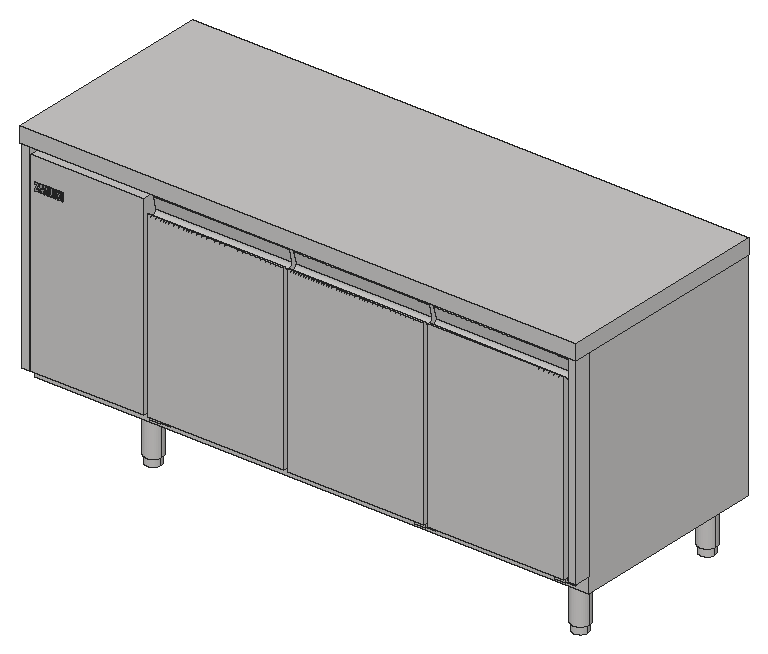
Revit family "QF_ZANUSSI_713607_ZHF3BL", category Attrezzature speciali, Revit 2018 (continued)
Definition of nested family "HPP_ZAN_BI_BT_L"
  Automatic sketch dimensions
    Split face 117 sketch curve to Extrusion 2 = 68.044 mm
    Split face 117 sketch curve to Extrusion 2 = 26.044 mm
    Split face 117 sketch curve to Extrusion 2 = 48.174 mm
    Split face 117 sketch curve to Split face 117 sketch curve = 4 mm
    Split face 118 sketch curve to Extrusion 2 = 80.956 mm
    Split face 118 sketch curve to Split face 118 sketch curve = 42 mm
    Split face 118 sketch curve to Extrusion 2 = 48.174 mm
    Split face 118 sketch curve to Split face 118 sketch curve = 4 mm
    Split face 119 sketch curve to Extrusion 2 = 56.174 mm
    Split face 119 sketch curve to Extrusion 2 = 123.044 mm
    Split face 119 sketch curve to Split face 119 sketch curve = 42 mm
    Split face 119 sketch curve to Split face 119 sketch curve = 4 mm
    Split face 120 sketch curve to Extrusion 2 = 25.956 mm
    Split face 120 sketch curve to Split face 120 sketch curve = 42 mm
    Split face 120 sketch curve to Extrusion 2 = 36.174 mm
    Split face 120 sketch curve to Split face 120 sketch curve = 4 mm
    Split face 121 sketch curve to Extrusion 2 = 44.174 mm
    Split face 121 sketch curve to Extrusion 2 = 68.044 mm
    Split face 121 sketch curve to Extrusion 2 = 26.044 mm
    Split face 121 sketch curve to Split face 121 sketch curve = 4 mm
    Split face 122 sketch curve to Extrusion 2 = 44.174 mm
    Split face 122 sketch curve to Extrusion 2 = 80.956 mm
    Split face 122 sketch curve to Split face 122 sketch curve = 42 mm
    Split face 122 sketch curve to Split face 122 sketch curve = 4 mm
    Split face 123 sketch curve to Extrusion 2 = 44.174 mm
    Split face 123 sketch curve to Extrusion 2 = 123.044 mm
    Split face 123 sketch curve to Split face 123 sketch curve = 42 mm
    Split face 123 sketch curve to Split face 123 sketch curve = 4 mm
    Split face 124 sketch curve to Extrusion 2 = 25.956 mm
    Split face 124 sketch curve to Split face 124 sketch curve = 42 mm
    Split face 124 sketch curve to Extrusion 2 = 24.174 mm
    Split face 124 sketch curve to Split face 124 sketch curve = 4 mm
    Split face 125 sketch curve to Extrusion 2 = 32.174 mm
    Split face 125 sketch curve to Extrusion 2 = 68.044 mm
    Split face 125 sketch curve to Extrusion 2 = 26.044 mm
    Split face 125 sketch curve to Split face 125 sketch curve = 4 mm
    Split face 126 sketch curve to Extrusion 2 = 32.174 mm
    Split face 126 sketch curve to Extrusion 2 = 80.956 mm
    Split face 126 sketch curve to Split face 126 sketch curve = 42 mm
    Split face 126 sketch curve to Split face 126 sketch curve = 4 mm
    Split face 127 sketch curve to Extrusion 2 = 32.174 mm
    Split face 127 sketch curve to Extrusion 2 = 123.044 mm
    Split face 127 sketch curve to Split face 127 sketch curve = 42 mm
    Split face 127 sketch curve to Split face 127 sketch curve = 4 mm
    Split face 128 sketch curve to Extrusion 2 = 25.956 mm
    Split face 128 sketch curve to Extrusion 2 = 16.174 mm
    Split face 128 sketch curve to Split face 128 sketch curve = 42 mm
    Split face 128 sketch curve to Split face 128 sketch curve = 4 mm
    Split face 129 sketch curve to Extrusion 2 = 20.174 mm
    Split face 129 sketch curve to Extrusion 2 = 68.044 mm
    Split face 129 sketch curve to Extrusion 2 = 26.044 mm
    Split face 129 sketch curve to Split face 129 sketch curve = 4 mm
    Split face 130 sketch curve to Extrusion 2 = 20.174 mm
    Split face 130 sketch curve to Extrusion 2 = 80.956 mm
    Split face 130 sketch curve to Extrusion 2 = 16.174 mm
    Split face 130 sketch curve to Split face 130 sketch curve = 42 mm
    Split face 131 sketch curve to Extrusion 2 = 20.174 mm
    Split face 131 sketch curve to Extrusion 2 = 123.044 mm
    Split face 131 sketch curve to Extrusion 2 = 16.174 mm
    Split face 131 sketch curve to Split face 131 sketch curve = 42 mm
    plane 4 to Extrusion 3 sketch curve = 17.166 mm
    Extrusion 3 sketch curve to Extrusion 3 sketch curve = 0.562 mm
    Extrusion 3 sketch curve to Extrusion 3 sketch curve = 5.406 mm
    Extrusion 3 sketch curve to Extrusion 3 sketch curve = 6.457 mm
    Extrusion 3 sketch curve to Extrusion 3 sketch curve = 5.755 mm
    Extrusion 3 sketch curve to Extrusion 3 sketch curve = 7.368 mm
    Extrusion 3 sketch curve to Extrusion 3 sketch curve = 0.734 mm
    Extrusion 3 sketch curve to Extrusion 3 sketch curve = 5.086 mm
    Extrusion 3 sketch curve to Extrusion 3 sketch curve = 5.054 mm
    Extrusion 3 sketch curve to Extrusion 3 sketch curve = 0.702 mm  (x4)
    Extrusion 3 sketch curve to Extrusion 3 sketch curve = 0.561 mm
    Extrusion 3 sketch curve to Extrusion 3 sketch curve = 3.369 mm  (x2)
    Extrusion 3 sketch curve to Extrusion 3 sketch curve = 2.807 mm
    Extrusion 3 sketch curve to Extrusion 3 sketch curve = 4.071 mm  (x2)
    Extrusion 3 sketch curve to Extrusion 3 sketch curve = 5.053 mm
    Extrusion 3 sketch curve to Extrusion 3 sketch curve = 5.114 mm
    Extrusion 3 sketch curve to Extrusion 3 sketch curve = 4.352 mm  (x2)
    Extrusion 3 sketch curve to Extrusion 3 sketch curve = 5.194 mm
    Extrusion 3 sketch curve to Extrusion 3 sketch curve = 4.913 mm  (x6)
    Extrusion 3 sketch curve to Extrusion 3 sketch curve = 5.334 mm
    Extrusion 3 sketch curve to Extrusion 3 sketch curve = 1.123 mm
    Extrusion 3 sketch curve to Extrusion 3 sketch curve = 1.444 mm
    Extrusion 3 sketch curve to Extrusion 3 sketch curve = 0.094 mm
    Extrusion 3 sketch curve to Extrusion 3 sketch curve = 2.948 mm
    Extrusion 3 sketch curve to Extrusion 3 sketch curve = 1.825 mm
    Extrusion 3 sketch curve to Extrusion 3 sketch curve = 3.004 mm
    Extrusion 3 sketch curve to Extrusion 3 sketch curve = 4.058 mm  (x2)
    Extrusion 3 sketch curve to Extrusion 3 sketch curve = 2.478 mm  (x2)
    Extrusion 3 sketch curve to Extrusion 3 sketch curve = 0.121 mm  (x4)
    Extrusion 3 sketch curve to Extrusion 3 sketch curve = 1.228 mm  (x2)
    Extrusion 3 sketch curve to Extrusion 3 sketch curve = 2.118 mm  (x2)
    Extrusion 3 sketch curve to Extrusion 3 sketch curve = 1.578 mm  (x2)
    Extrusion 3 sketch curve to Extrusion 3 sketch curve = 0.128 mm  (x2)
    Extrusion 3 sketch curve to Extrusion 3 sketch curve = 0.564 mm  (x2)
    Extrusion 3 sketch curve to Extrusion 3 sketch curve = 0.622 mm  (x2)
    Extrusion 3 sketch curve to Extrusion 3 sketch curve = 0.31 mm  (x2)
    Extrusion 3 sketch curve to Extrusion 3 sketch curve = 1.171 mm  (x2)
    Extrusion 3 sketch curve to Extrusion 3 sketch curve = 0.512 mm  (x2)
    Extrusion 3 sketch curve to Extrusion 3 sketch curve = 0.123 mm  (x2)
    Extrusion 3 sketch curve to Extrusion 3 sketch curve = 0.02 mm  (x2)
    Extrusion 3 sketch curve to Extrusion 3 sketch curve = 1.774 mm  (x2)
    Extrusion 3 sketch curve to Extrusion 3 sketch curve = 1.52 mm
    Extrusion 3 sketch curve to Extrusion 3 sketch curve = 1.351 mm
    Extrusion 3 sketch curve to Extrusion 3 sketch curve = 4.632 mm  (x3)
    Extrusion 3 sketch curve to Extrusion 3 sketch curve = 0.076 mm  (x2)
    Extrusion 3 sketch curve to Extrusion 3 sketch curve = 3.79 mm
    Extrusion 3 sketch curve to Extrusion 3 sketch curve = 0.099 mm
    Extrusion 3 sketch curve to Extrusion 3 sketch curve = 1.668 mm
    Extrusion 3 sketch curve to Extrusion 3 sketch curve = 2.203 mm
    Extrusion 3 sketch curve to Extrusion 3 sketch curve = 2.87 mm
    Extrusion 3 sketch curve to Extrusion 3 sketch curve = 0.944 mm
    Extrusion 3 sketch curve to Extrusion 3 sketch curve = 5.408 mm
    Extrusion 3 sketch curve to Extrusion 3 sketch curve = 0.724 mm
    Extrusion 3 sketch curve to plane 6 = 98.623 mm
    Extrusion 3 sketch curve to Extrusion 3 sketch curve = 0 mm  (x13)
    Extrusion 3 sketch curve to Extrusion 3 sketch curve = 3.713 mm
    Extrusion 3 sketch curve to Extrusion 3 sketch curve = 1.341 mm
    Extrusion 3 sketch curve to Extrusion 3 sketch curve = 0.181 mm
    Extrusion 3 sketch curve to Extrusion 3 sketch curve = 2.372 mm  (x2)
    Extrusion 3 sketch curve to Extrusion 3 sketch curve = 0.043 mm  (x2)
    Extrusion 3 sketch curve to Extrusion 3 sketch curve = 0.08 mm  (x2)
    Extrusion 3 sketch curve to Extrusion 3 sketch curve = 6.582 mm
    Extrusion 3 sketch curve to Extrusion 3 sketch curve = 2.869 mm
    Extrusion 3 sketch curve to Extrusion 3 sketch curve = 0.739 mm  (x2)
    Extrusion 3 sketch curve to Extrusion 3 sketch curve = 1.344 mm  (x2)
    Extrusion 3 sketch curve to Extrusion 3 sketch curve = 0.997 mm
    Extrusion 3 sketch curve to Extrusion 3 sketch curve = 1.644 mm
    Extrusion 3 sketch curve to Extrusion 3 sketch curve = 1.841 mm
    Extrusion 3 sketch curve to Extrusion 3 sketch curve = 0.915 mm
    Extrusion 3 sketch curve to Extrusion 3 sketch curve = 2.767 mm
    Extrusion 3 sketch curve to Extrusion 3 sketch curve = 1.036 mm  (x2)
    Extrusion 3 sketch curve to Extrusion 3 sketch curve = 1.835 mm  (x2)
    Extrusion 3 sketch curve to Extrusion 3 sketch curve = 3.155 mm
    Extrusion 3 sketch curve to Extrusion 3 sketch curve = 4.449 mm
    Extrusion 3 sketch curve to Extrusion 3 sketch curve = 7.159 mm
    Extrusion 3 sketch curve to Extrusion 3 sketch curve = 4.846 mm  (x2)
    Extrusion 3 sketch curve to Extrusion 3 sketch curve = 5.13 mm
    Extrusion 3 sketch curve to Extrusion 3 sketch curve = 0.393 mm  (x2)
    Extrusion 3 sketch curve to Extrusion 3 sketch curve = 1.409 mm  (x2)
    Extrusion 3 sketch curve to Extrusion 3 sketch curve = 2.182 mm  (x2)
    Extrusion 3 sketch curve to Extrusion 3 sketch curve = 0.905 mm  (x2)
    Extrusion 3 sketch curve to Extrusion 3 sketch curve = 1.201 mm  (x2)
    Extrusion 3 sketch curve to Extrusion 3 sketch curve = 0.022 mm  (x2)
    Extrusion 3 sketch curve to Extrusion 3 sketch curve = 0.182 mm  (x2)
    Extrusion 3 sketch curve to Extrusion 3 sketch curve = 14.599 mm
    Extrusion 3 sketch curve to Extrusion 3 sketch curve = 0.14 mm
    Extrusion 3 sketch curve to Extrusion 3 sketch curve = 10.917 mm
    Extrusion 3 sketch curve to Extrusion 3 sketch curve = 0.281 mm
    Extrusion 3 sketch curve to Extrusion 3 sketch curve = 0.45 mm  (x2)
    Extrusion 3 sketch curve to Extrusion 3 sketch curve = 8.142 mm
    Extrusion 3 sketch curve to Extrusion 3 sketch curve = 4.492 mm
    Extrusion 3 sketch curve to Extrusion 3 sketch curve = 0.593 mm
    Extrusion 3 sketch curve to Extrusion 3 sketch curve = 4.345 mm
    Extrusion 3 sketch curve to Extrusion 3 sketch curve = 0.9 mm  (x2)
    Extrusion 3 sketch curve to Extrusion 3 sketch curve = 3.017 mm
    Extrusion 3 sketch curve to Extrusion 3 sketch curve = 0.952 mm  (x2)
    Extrusion 3 sketch curve to Extrusion 3 sketch curve = 1.658 mm
    Extrusion 3 sketch curve to Extrusion 3 sketch curve = 1.516 mm
    Split face 132 sketch curve to Extrusion 2 = 44.591 mm
    Split face 132 sketch curve to Extrusion 2 = 79.124 mm
    Split face 132 sketch curve to Split face 132 sketch curve = 36.471 mm
    Split face 132 sketch curve to Split face 132 sketch curve = 29.3 mm
    Split face 132 sketch curve to Split face 132 sketch curve = 19.479 mm
    Split face 132 sketch curve to Split face 132 sketch curve = 15.459 mm
    Split face 132 sketch curve to Split face 132 sketch curve = 0 mm
    Split face 132 sketch curve to Split face 132 sketch curve = 17.186 mm
    Split face 133 sketch curve to Extrusion 2 = 49.463 mm
    Split face 133 sketch curve to Extrusion 2 = 79.643 mm
    Split face 133 sketch curve to Split face 133 sketch curve = 36.278 mm
    Split face 133 sketch curve to Split face 133 sketch curve = 25.875 mm
    Split face 133 sketch curve to Split face 133 sketch curve = 7.776 mm
    Split face 133 sketch curve to Split face 133 sketch curve = 17.461 mm
    Split face 133 sketch curve to Split face 133 sketch curve = 0 mm
    Split face 133 sketch curve to Split face 133 sketch curve = 18.204 mm
    Split face 134 sketch curve to Extrusion 2 = 55.5 mm
    Split face 134 sketch curve to Split face 134 sketch curve = 7.5 mm  (x2)
    Split face 134 sketch curve to Extrusion 2 = 85.5 mm
    Split face 135 sketch curve to Extrusion 2 = 65 mm
    Split face 135 sketch curve to Split face 135 sketch curve = 7.5 mm  (x2)
    Split face 135 sketch curve to Extrusion 2 = 85.5 mm
    Split face 136 sketch curve to Extrusion 2 = 65 mm
    Split face 136 sketch curve to Split face 136 sketch curve = 7.5 mm  (x2)
    Split face 136 sketch curve to Extrusion 2 = 95 mm
    Split face 137 sketch curve to Extrusion 2 = 55.5 mm
    Split face 137 sketch curve to Split face 137 sketch curve = 7.5 mm  (x2)
    Split face 137 sketch curve to Extrusion 2 = 95 mm
    Split face 138 sketch curve to Extrusion 2 = 178.044 mm
    Split face 138 sketch curve to Split face 138 sketch curve = 42 mm
    Split face 138 sketch curve to Extrusion 2 = 128.176 mm
    Split face 138 sketch curve to Split face 138 sketch curve = 4 mm
    Split face 139 sketch curve to Extrusion 2 = 178.044 mm
    Split face 139 sketch curve to Split face 139 sketch curve = 42 mm
    Split face 139 sketch curve to Extrusion 2 = 140.176 mm
    Split face 139 sketch curve to Split face 139 sketch curve = 4 mm
    Split face 140 sketch curve to Extrusion 2 = 178.044 mm
    Split face 140 sketch curve to Split face 140 sketch curve = 42 mm
    Split face 140 sketch curve to Extrusion 2 = 152.176 mm
    Split face 140 sketch curve to Split face 140 sketch curve = 4 mm
    Split face 141 sketch curve to Extrusion 2 = 178.044 mm
    Split face 141 sketch curve to Split face 141 sketch curve = 42 mm
    Split face 141 sketch curve to Extrusion 2 = 164.176 mm
    Split face 141 sketch curve to Split face 141 sketch curve = 4 mm
    Split face 142 sketch curve to Extrusion 2 = 178.044 mm
    Split face 142 sketch curve to Split face 142 sketch curve = 42 mm
    Split face 142 sketch curve to Extrusion 2 = 176.176 mm
    Split face 142 sketch curve to Split face 142 sketch curve = 4 mm
    Split face 143 sketch curve to Extrusion 2 = 178.044 mm
    Split face 143 sketch curve to Split face 143 sketch curve = 42 mm
    Split face 143 sketch curve to Extrusion 2 = 188.176 mm
    Split face 143 sketch curve to Split face 143 sketch curve = 4 mm
    Split face 144 sketch curve to Extrusion 2 = 178.044 mm
    Split face 144 sketch curve to Split face 144 sketch curve = 42 mm
    Split face 144 sketch curve to Extrusion 2 = 200.176 mm
    Split face 144 sketch curve to Split face 144 sketch curve = 4 mm
    Split face 145 sketch curve to Extrusion 2 = 178.044 mm
    Split face 145 sketch curve to Split face 145 sketch curve = 42 mm
    Split face 145 sketch curve to Extrusion 2 = 212.176 mm
    Split face 145 sketch curve to Split face 145 sketch curve = 4 mm
    Split face 146 sketch curve to Extrusion 2 = 178.044 mm
    Split face 146 sketch curve to Split face 146 sketch curve = 42 mm
    Split face 146 sketch curve to Extrusion 2 = 224.176 mm
    Split face 146 sketch curve to Split face 146 sketch curve = 4 mm
    Split face 147 sketch curve to Extrusion 2 = 178.044 mm
    Split face 147 sketch curve to Split face 147 sketch curve = 42 mm
    Split face 147 sketch curve to Extrusion 2 = 236.176 mm
    Split face 147 sketch curve to Split face 147 sketch curve = 4 mm
    Split face 148 sketch curve to Extrusion 2 = 178.044 mm
    Split face 148 sketch curve to Split face 148 sketch curve = 42 mm
    Split face 148 sketch curve to Extrusion 2 = 248.176 mm
    Split face 148 sketch curve to Split face 148 sketch curve = 4 mm
    Split face 149 sketch curve to Extrusion 2 = 178.044 mm
    Split face 149 sketch curve to Split face 149 sketch curve = 42 mm
    Split face 149 sketch curve to Extrusion 2 = 260.176 mm
    Split face 149 sketch curve to Split face 149 sketch curve = 4 mm
    Split face 150 sketch curve to Extrusion 2 = 178.044 mm
    Split face 150 sketch curve to Split face 150 sketch curve = 42 mm
    Split face 150 sketch curve to Extrusion 2 = 272.176 mm
    Split face 150 sketch curve to Split face 150 sketch curve = 4 mm
    Split face 151 sketch curve to Extrusion 2 = 178.044 mm
    Split face 151 sketch curve to Split face 151 sketch curve = 42 mm
    Split face 151 sketch curve to Extrusion 2 = 284.176 mm
    Split face 151 sketch curve to Split face 151 sketch curve = 4 mm
    Split face 152 sketch curve to Extrusion 2 = 178.044 mm
    Split face 152 sketch curve to Split face 152 sketch curve = 42 mm
    Split face 152 sketch curve to Extrusion 2 = 296.176 mm
    Split face 152 sketch curve to Split face 152 sketch curve = 4 mm
    Split face 153 sketch curve to Extrusion 2 = 178.044 mm
    Split face 153 sketch curve to Split face 153 sketch curve = 42 mm
    Split face 153 sketch curve to Extrusion 2 = 308.176 mm
    Split face 153 sketch curve to Split face 153 sketch curve = 4 mm
    Split face 154 sketch curve to Extrusion 2 = 178.044 mm
    Split face 154 sketch curve to Split face 154 sketch curve = 42 mm
    Split face 154 sketch curve to Extrusion 2 = 192.174 mm
    Split face 154 sketch curve to Split face 154 sketch curve = 4 mm
    Split face 155 sketch curve to Extrusion 2 = 178.044 mm
    Split face 155 sketch curve to Split face 155 sketch curve = 42 mm
    Split face 155 sketch curve to Extrusion 2 = 180.174 mm
    Split face 155 sketch curve to Split face 155 sketch curve = 4 mm
    Split face 156 sketch curve to Extrusion 2 = 178.044 mm
    Split face 156 sketch curve to Split face 156 sketch curve = 42 mm
    Split face 156 sketch curve to Extrusion 2 = 168.174 mm
    Split face 156 sketch curve to Split face 156 sketch curve = 4 mm
    Split face 157 sketch curve to Extrusion 2 = 178.044 mm
    Split face 157 sketch curve to Split face 157 sketch curve = 42 mm
    Split face 157 sketch curve to Extrusion 2 = 156.174 mm
    Split face 157 sketch curve to Split face 157 sketch curve = 4 mm
    Split face 158 sketch curve to Extrusion 2 = 178.044 mm
    Split face 158 sketch curve to Split face 158 sketch curve = 42 mm
    Split face 158 sketch curve to Extrusion 2 = 144.174 mm
    Split face 158 sketch curve to Split face 158 sketch curve = 4 mm
    Split face 159 sketch curve to Extrusion 2 = 178.044 mm
    Split face 159 sketch curve to Split face 159 sketch curve = 42 mm
    Split face 159 sketch curve to Extrusion 2 = 132.174 mm
    Split face 159 sketch curve to Split face 159 sketch curve = 4 mm
    Split face 160 sketch curve to Extrusion 2 = 178.044 mm
    Split face 160 sketch curve to Split face 160 sketch curve = 42 mm
    Split face 160 sketch curve to Extrusion 2 = 120.174 mm
    Split face 160 sketch curve to Split face 160 sketch curve = 4 mm
    Split face 161 sketch curve to Extrusion 2 = 116.174 mm
    Split face 161 sketch curve to Extrusion 2 = 178.044 mm
    Split face 161 sketch curve to Split face 161 sketch curve = 42 mm
    Split face 161 sketch curve to Split face 161 sketch curve = 4 mm
    Split face 162 sketch curve to Extrusion 2 = 104.174 mm
    Split face 162 sketch curve to Extrusion 2 = 178.044 mm
    Split face 162 sketch curve to Split face 162 sketch curve = 42 mm
    Split face 162 sketch curve to Split face 162 sketch curve = 4 mm
    Split face 163 sketch curve to Extrusion 2 = 92.174 mm
    Split face 163 sketch curve to Extrusion 2 = 178.044 mm
    Split face 163 sketch curve to Split face 163 sketch curve = 42 mm
    Split face 163 sketch curve to Split face 163 sketch curve = 4 mm
    Split face 164 sketch curve to Extrusion 2 = 80.174 mm
    Split face 164 sketch curve to Extrusion 2 = 178.044 mm
    Split face 164 sketch curve to Split face 164 sketch curve = 42 mm
    Split face 164 sketch curve to Split face 164 sketch curve = 4 mm
    Split face 165 sketch curve to Extrusion 2 = 68.174 mm
    Split face 165 sketch curve to Extrusion 2 = 178.044 mm
    Split face 165 sketch curve to Split face 165 sketch curve = 42 mm
    Split face 165 sketch curve to Split face 165 sketch curve = 4 mm
    Split face 166 sketch curve to Extrusion 2 = 56.174 mm
    Split face 166 sketch curve to Extrusion 2 = 178.044 mm
    Split face 166 sketch curve to Split face 166 sketch curve = 42 mm
    Split face 166 sketch curve to Split face 166 sketch curve = 4 mm
    Split face 167 sketch curve to Extrusion 2 = 44.174 mm
    Split face 167 sketch curve to Extrusion 2 = 178.044 mm
    Split face 167 sketch curve to Split face 167 sketch curve = 42 mm
    Split face 167 sketch curve to Split face 167 sketch curve = 4 mm
    Split face 168 sketch curve to Extrusion 2 = 32.174 mm
    Split face 168 sketch curve to Extrusion 2 = 178.044 mm
    Split face 168 sketch curve to Split face 168 sketch curve = 42 mm
    Split face 168 sketch curve to Split face 168 sketch curve = 4 mm
    Split face 169 sketch curve to Extrusion 2 = 20.174 mm
    Split face 169 sketch curve to Extrusion 2 = 178.044 mm
    Split face 169 sketch curve to Extrusion 2 = 16.174 mm
    Split face 169 sketch curve to Split face 169 sketch curve = 42 mm
    Split face 170 sketch curve to Extrusion 2 = 135.956 mm
    Split face 170 sketch curve to Split face 170 sketch curve = 42 mm
    Split face 170 sketch curve to Extrusion 2 = 128.176 mm
    Split face 170 sketch curve to Split face 170 sketch curve = 4 mm
    Split face 171 sketch curve to Extrusion 2 = 135.956 mm
    Split face 171 sketch curve to Split face 171 sketch curve = 42 mm
    Split face 171 sketch curve to Extrusion 2 = 140.176 mm
    Split face 171 sketch curve to Split face 171 sketch curve = 4 mm
    Split face 172 sketch curve to Extrusion 2 = 135.956 mm
    Split face 172 sketch curve to Split face 172 sketch curve = 42 mm
    Split face 172 sketch curve to Extrusion 2 = 152.176 mm
    Split face 172 sketch curve to Split face 172 sketch curve = 4 mm
    Split face 173 sketch curve to Extrusion 2 = 135.956 mm
    Split face 173 sketch curve to Split face 173 sketch curve = 42 mm
    Split face 173 sketch curve to Extrusion 2 = 164.176 mm
    Split face 173 sketch curve to Split face 173 sketch curve = 4 mm
    Split face 174 sketch curve to Extrusion 2 = 135.956 mm
    Split face 174 sketch curve to Split face 174 sketch curve = 42 mm
    Split face 174 sketch curve to Extrusion 2 = 176.176 mm
    Split face 174 sketch curve to Split face 174 sketch curve = 4 mm
    Split face 175 sketch curve to Extrusion 2 = 135.956 mm
    Split face 175 sketch curve to Split face 175 sketch curve = 42 mm
    Split face 175 sketch curve to Extrusion 2 = 188.176 mm
    Split face 175 sketch curve to Split face 175 sketch curve = 4 mm
    Split face 176 sketch curve to Extrusion 2 = 135.956 mm
    Split face 176 sketch curve to Split face 176 sketch curve = 42 mm
    Split face 176 sketch curve to Extrusion 2 = 200.176 mm
    Split face 176 sketch curve to Split face 176 sketch curve = 4 mm
    Split face 177 sketch curve to Extrusion 2 = 135.956 mm
    Split face 177 sketch curve to Split face 177 sketch curve = 42 mm
    Split face 177 sketch curve to Extrusion 2 = 212.176 mm
    Split face 177 sketch curve to Split face 177 sketch curve = 4 mm
    Split face 178 sketch curve to Extrusion 2 = 135.956 mm
    Split face 178 sketch curve to Split face 178 sketch curve = 42 mm
    Split face 178 sketch curve to Extrusion 2 = 224.176 mm
    Split face 178 sketch curve to Split face 178 sketch curve = 4 mm
    Split face 179 sketch curve to Extrusion 2 = 135.956 mm
    Split face 179 sketch curve to Split face 179 sketch curve = 42 mm
    Split face 179 sketch curve to Extrusion 2 = 236.176 mm
    Split face 179 sketch curve to Split face 179 sketch curve = 4 mm
    Split face 180 sketch curve to Extrusion 2 = 135.956 mm
    Split face 180 sketch curve to Split face 180 sketch curve = 42 mm
    Split face 180 sketch curve to Extrusion 2 = 248.176 mm
    Split face 180 sketch curve to Split face 180 sketch curve = 4 mm
    Split face 181 sketch curve to Extrusion 2 = 135.956 mm
    Split face 181 sketch curve to Split face 181 sketch curve = 42 mm
    Split face 181 sketch curve to Extrusion 2 = 260.176 mm
    Split face 181 sketch curve to Split face 181 sketch curve = 4 mm
    Split face 182 sketch curve to Extrusion 2 = 135.956 mm
    Split face 182 sketch curve to Split face 182 sketch curve = 42 mm
    Split face 182 sketch curve to Extrusion 2 = 272.176 mm
    Split face 182 sketch curve to Split face 182 sketch curve = 4 mm
    Split face 183 sketch curve to Extrusion 2 = 135.956 mm
    Split face 183 sketch curve to Split face 183 sketch curve = 42 mm
    Split face 183 sketch curve to Extrusion 2 = 284.176 mm
    Split face 183 sketch curve to Split face 183 sketch curve = 4 mm
    Split face 184 sketch curve to Extrusion 2 = 135.956 mm
    Split face 184 sketch curve to Split face 184 sketch curve = 42 mm
    Split face 184 sketch curve to Extrusion 2 = 296.176 mm
    Split face 184 sketch curve to Split face 184 sketch curve = 4 mm
    Split face 185 sketch curve to Extrusion 2 = 135.956 mm
    Split face 185 sketch curve to Split face 185 sketch curve = 42 mm
    Split face 185 sketch curve to Extrusion 2 = 308.176 mm
    Split face 185 sketch curve to Split face 185 sketch curve = 4 mm
    Split face 186 sketch curve to Extrusion 2 = 135.956 mm
    Split face 186 sketch curve to Split face 186 sketch curve = 42 mm
    Split face 186 sketch curve to Extrusion 2 = 192.174 mm
    Split face 186 sketch curve to Split face 186 sketch curve = 4 mm
    Split face 187 sketch curve to Extrusion 2 = 135.956 mm
    Split face 187 sketch curve to Split face 187 sketch curve = 42 mm
    Split face 187 sketch curve to Extrusion 2 = 180.174 mm
    Split face 187 sketch curve to Split face 187 sketch curve = 4 mm
    Split face 188 sketch curve to Extrusion 2 = 135.956 mm
    Split face 188 sketch curve to Split face 188 sketch curve = 42 mm
    Split face 188 sketch curve to Extrusion 2 = 168.174 mm
    Split face 188 sketch curve to Split face 188 sketch curve = 4 mm
    Split face 189 sketch curve to Extrusion 2 = 135.956 mm
    Split face 189 sketch curve to Split face 189 sketch curve = 42 mm
    Split face 189 sketch curve to Extrusion 2 = 156.174 mm
    Split face 189 sketch curve to Split face 189 sketch curve = 4 mm
    Split face 190 sketch curve to Extrusion 2 = 135.956 mm
    Split face 190 sketch curve to Split face 190 sketch curve = 42 mm
    Split face 190 sketch curve to Extrusion 2 = 144.174 mm
    Split face 190 sketch curve to Split face 190 sketch curve = 4 mm
    Split face 191 sketch curve to Extrusion 2 = 135.956 mm
    Split face 191 sketch curve to Split face 191 sketch curve = 42 mm
    Split face 191 sketch curve to Extrusion 2 = 132.174 mm
    Split face 191 sketch curve to Split face 191 sketch curve = 4 mm
    Split face 192 sketch curve to Extrusion 2 = 135.956 mm
    Split face 192 sketch curve to Split face 192 sketch curve = 42 mm
    Split face 192 sketch curve to Extrusion 2 = 120.174 mm
    Split face 192 sketch curve to Split face 192 sketch curve = 4 mm
    Split face 193 sketch curve to Extrusion 2 = 135.956 mm
    Split face 193 sketch curve to Split face 193 sketch curve = 42 mm
    Split face 193 sketch curve to Extrusion 2 = 108.174 mm
    Split face 193 sketch curve to Split face 193 sketch curve = 4 mm
    Split face 194 sketch curve to Extrusion 2 = 135.956 mm
    Split face 194 sketch curve to Split face 194 sketch curve = 42 mm
    Split face 194 sketch curve to Extrusion 2 = 96.174 mm
    Split face 194 sketch curve to Split face 194 sketch curve = 4 mm
    Split face 195 sketch curve to Extrusion 2 = 135.956 mm
    Split face 195 sketch curve to Split face 195 sketch curve = 42 mm
    Split face 195 sketch curve to Extrusion 2 = 84.174 mm
    Split face 195 sketch curve to Split face 195 sketch curve = 4 mm
    Split face 196 sketch curve to Extrusion 2 = 80.174 mm
    Split face 196 sketch curve to Extrusion 2 = 135.956 mm
    Split face 196 sketch curve to Split face 196 sketch curve = 42 mm
    Split face 196 sketch curve to Split face 196 sketch curve = 4 mm
    Split face 197 sketch curve to Extrusion 2 = 68.174 mm
    Split face 197 sketch curve to Extrusion 2 = 135.956 mm
    Split face 197 sketch curve to Split face 197 sketch curve = 42 mm
    Split face 197 sketch curve to Split face 197 sketch curve = 4 mm
    Split face 198 sketch curve to Extrusion 2 = 56.174 mm
    Split face 198 sketch curve to Extrusion 2 = 135.956 mm
    Split face 198 sketch curve to Split face 198 sketch curve = 42 mm
    Split face 198 sketch curve to Split face 198 sketch curve = 4 mm
    Split face 199 sketch curve to Extrusion 2 = 44.174 mm
    Split face 199 sketch curve to Extrusion 2 = 135.956 mm
    Split face 199 sketch curve to Split face 199 sketch curve = 42 mm
    Split face 199 sketch curve to Split face 199 sketch curve = 4 mm
    Split face 200 sketch curve to Extrusion 2 = 32.174 mm
    Split face 200 sketch curve to Extrusion 2 = 135.956 mm
    Split face 200 sketch curve to Split face 200 sketch curve = 42 mm
    Split face 200 sketch curve to Split face 200 sketch curve = 4 mm
    Split face 201 sketch curve to Extrusion 2 = 20.174 mm
    Split face 201 sketch curve to Extrusion 2 = 135.956 mm
    Split face 201 sketch curve to Extrusion 2 = 16.174 mm
    Split face 201 sketch curve to Split face 201 sketch curve = 42 mm
Definition of nested family "HPP_ZAN_SD_L"
  Parameters
    Show Clearance [instance] = yes
    Default Elevation = 1219.2 mm
  Reference planes
    plane 1 "Center (Front/Back)": y = 0
    plane 2: z = 0
    plane 3 "Center (Left/Right)": x = 0
    plane 4: x = -234
    plane 5: x = 234
  Forms (mm)
    Extrusion 1, solid
      sketch origin (0, 0, 0) x (1, 0, 0) y (0, 1, 0)
        loop
          line (-1219.2, 1219.2) -> (-1219.2, -1219.2) -> (1219.2, -1219.2) -> (1219.2, 1219.2) -> (-1219.2, 1219.2)
      from 0 to -304.8
    Extrusion 2, solid
      sketch origin (0, 0, -3) x (0, 1, 0) y (0, 0, 1)
        loop
          line (-314, 53) -> (-314, 3) -> (314, 3) -> (314, 29) -> (274.395, 20)
          arc (274.395, 20) -> (260.396, 33.803) -> (274, 47.994) r 14
          line (274, 47.994) -> (274, 53) -> (-314, 53)
      from -220 to 220
    Extrusion 3, solid
      sketch origin (0, 0, 0) x (0, 1, 0) y (0, 0, -1)
        loop
          line (-323.003, -40.312) -> (-323.003, -12.259) -> (-323.003, 0) -> (-351.511, 0) -> (-351.511, -2.5) -> (-325.503, -2.5) -> (-325.503, -42.812) -> (-316.501, -42.812) -> (-316.501, -40.312) -> (-323.003, -40.312)
        loop
          line (-314, -38.311) -> (-314, -11.804) -> (-319.752, -11.804) -> (-319.752, -14.304) -> (-316.501, -14.304) -> (-316.501, -38.311) -> (-314, -38.311)
        loop
          line (315.003, -27.948) -> (317.503, -27.948) -> (317.503, -2.5) -> (327.503, -2.5) -> (327.503, 0) -> (315.003, 0) -> (315.003, -2.948) -> (315.003, -27.948)
      from 185 to 220
    Extrusion 4, solid, visible <- "Show Clearance", detail levels coarse
      sketch origin (0, 0, -3) x (-1, 0, 0) y (0, 0, -1)
        loop
          line (220, -53) -> (-220, -53)
          arc (-220, -53) -> (-79.636, -340.04) -> (220, -451) r 430
          line (220, -451) -> (220, -53)
      from -314 to 314
  Lines and regions (mm)
    symbolic lines
      curve 1: arc (219.599, 0, 55) -> (95.934, 0, 321.503) -> (-170, 0, 446.39) r 430
      curve 2: line (-220, 0, 55) -> (-220, 0, 448)
      curve 3: line (-170, 0, 55) -> (-170, 0, 448)
      curve 4: line (-220, 0, 448) -> (-170, 0, 448)
  Dimensions and locks
    plane 4 to plane 3 "Center (Left/Right)" to plane 5 = 234 mm locked, 234 mm locked
    aligned and locked: plane 2 to Extrusion 1
    aligned and locked: level to Extrusion 1
Definition of nested family "HPP_ZAN_SD_R"
  Parameters
    Show Clearance [instance] = yes
    Default Elevation = 1219.2 mm
  Reference planes
    plane 1 "Center (Front/Back)": y = 0
    plane 2: z = 0
    plane 3 "Center (Left/Right)": x = 0
    plane 4: x = -234
    plane 5: x = 234
  Forms (mm)
    Extrusion 1, solid
      sketch origin (0, 0, 0) x (1, 0, 0) y (0, 1, 0)
        loop
          line (-1219.2, 1219.2) -> (-1219.2, -1219.2) -> (1219.2, -1219.2) -> (1219.2, 1219.2) -> (-1219.2, 1219.2)
      from 0 to -304.8
    Extrusion 2, solid
      sketch origin (0, 0, -3) x (0, 1, 0) y (0, 0, -1)
        loop
          line (-314, -53) -> (274, -53) -> (274, -47.994)
          arc (274, -47.994) -> (260.396, -33.803) -> (274.395, -20) r 14
          line (274.395, -20) -> (314, -29) -> (314, -3) -> (-314, -3) -> (-314, -53)
      from -220 to 220
    Extrusion 3, solid
      sketch origin (0, 0, 0) x (0, 1, 0) y (0, 0, 1)
        loop
          line (-323.003, 40.312) -> (-316.501, 40.312) -> (-316.501, 42.812) -> (-325.503, 42.812) -> (-325.503, 2.5) -> (-351.511, 2.5) -> (-351.511, 0) -> (-323.003, 0) -> (-323.003, 12.259) -> (-323.003, 40.312)
        loop
          line (-314, 38.311) -> (-316.501, 38.311) -> (-316.501, 14.304) -> (-319.752, 14.304) -> (-319.752, 11.804) -> (-314, 11.804) -> (-314, 38.311)
        loop
          line (315.003, 27.948) -> (315.003, 2.948) -> (315.003, 0) -> (327.503, 0) -> (327.503, 2.5) -> (317.503, 2.5) -> (317.503, 27.948) -> (315.003, 27.948)
      from 185 to 220
    Extrusion 4, solid, visible <- "Show Clearance", detail levels coarse
      sketch origin (0, 0, -3) x (1, 0, 0) y (0, 0, 1)
        loop
          line (220, 53) -> (220, 451)
          arc (220, 451) -> (-79.636, 340.04) -> (-220, 53) r 430
          line (-220, 53) -> (220, 53)
      from -314 to 314
  Lines and regions (mm)
    symbolic lines
      curve 1: arc (-219.599, 0, 55) -> (-95.934, 0, 321.503) -> (170, 0, 446.39) r 430
      curve 2: line (220, 0, 55) -> (220, 0, 448)
      curve 3: line (170, 0, 55) -> (170, 0, 448)
      curve 4: line (220, 0, 448) -> (170, 0, 448)
  Dimensions and locks
    plane 4 to plane 3 "Center (Left/Right)" to plane 5 = 234 mm locked, 234 mm locked
    aligned and locked: plane 2 to Extrusion 1
    aligned and locked: level to Extrusion 1
Definition of nested family "HPP_Freezer"
  Reference planes
    plane 1 "Center (Front/Back)": y = 0
    plane 2: z = 0
    plane 3 "Center (Left/Right)": x = 0
  Lines and regions (mm)
    detail lines, in view "Ref. Level"
      curve 1: spline (-500, 190, 0) -> (-493.185, 166.706, 0) -> (-473.205, 145, 0) -> (-441.421, 126.36, 0) -> (-400, 112.058, 0) -> (-351.764, 103.067, 0) -> (-300, 100, 0) -> (-248.236, 103.067, 0) -> (-200, 112.058, 0) -> (-158.579, 126.36, 0) -> (-126.795, 145, 0) -> (-106.815, 166.706, 0) -> (-100, 190, 0) -> (-106.815, 213.294, 0) -> (-126.795, 235, 0) -> (-158.579, 253.64, 0) -> (-200, 267.942, 0) -> (-248.236, 276.933, 0) -> (-300, 280, 0) -> (-351.764, 276.933, 0) -> (-400, 267.942, 0) -> (-441.421, 253.64, 0) -> (-473.205, 235, 0) -> (-493.185, 213.294, 0) -> (-500, 190, 0)
      curve 2: line (-220, 130, 0) -> (-220, 250, 0)
      curve 3: line (-271.962, 220, 0) -> (-168.038, 160, 0)
      curve 4: line (-271.962, 160, 0) -> (-168.038, 220, 0)
      curve 5: line (-200.884, 246.873, 0) -> (-220, 225, 0)
      curve 6: line (-220, 225, 0) -> (-239.116, 246.873, 0)
      curve 7: line (-250.311, 207.5, 0) -> (-260, 235.883, 0)
      curve 8: line (-279.736, 201.7, 0) -> (-250.311, 207.5, 0)
      curve 9: line (-250.311, 172.5, 0) -> (-279.736, 178.3, 0)
      curve 10: line (-260, 144.117, 0) -> (-250.311, 172.5, 0)
      curve 11: line (-220, 155, 0) -> (-239.116, 133.127, 0)
      curve 12: line (-200.884, 133.127, 0) -> (-220, 155, 0)
      curve 13: line (-189.689, 172.5, 0) -> (-180.304, 145.008, 0)
      curve 14: line (-161.188, 178.118, 0) -> (-189.689, 172.5, 0)
      curve 15: line (-189.689, 207.5, 0) -> (-161.188, 201.882, 0)
      curve 16: line (-180.304, 234.992, 0) -> (-189.689, 207.5, 0)
      curve 17: line (-380, 130, 0) -> (-380, 250, 0)
      curve 18: line (-431.962, 220, 0) -> (-328.038, 160, 0)
      curve 19: line (-431.962, 160, 0) -> (-328.038, 220, 0)
      curve 20: line (-360.884, 246.873, 0) -> (-380, 225, 0)
      curve 21: line (-380, 225, 0) -> (-399.116, 246.873, 0)
      curve 22: line (-410.311, 207.5, 0) -> (-419.696, 234.992, 0)
      curve 23: line (-438.812, 201.882, 0) -> (-410.311, 207.5, 0)
      curve 24: line (-410.311, 172.5, 0) -> (-438.812, 178.118, 0)
      curve 25: line (-419.696, 145.008, 0) -> (-410.311, 172.5, 0)
      curve 26: line (-380, 155, 0) -> (-399.116, 133.127, 0)
      curve 27: line (-360.884, 133.127, 0) -> (-380, 155, 0)
      curve 28: line (-349.689, 172.5, 0) -> (-340, 144.117, 0)
      curve 29: line (-320.264, 178.3, 0) -> (-349.689, 172.5, 0)
      curve 30: line (-349.689, 207.5, 0) -> (-320.264, 201.7, 0)
      curve 31: line (-340, 235.883, 0) -> (-349.689, 207.5, 0)
Types (2, lengths in mm): name | URL | Produttore | Phase | Modello | Descrizione
  (no name) | 0 | 0 | 0 | 0 | 0
  Standard | "http://www.zanussiprofessional.com" | "Zanussi" | 1 | "ZHF3BL" | "FREEZ.COUNTER 440L 3xDOOR CU_LFT A304"
